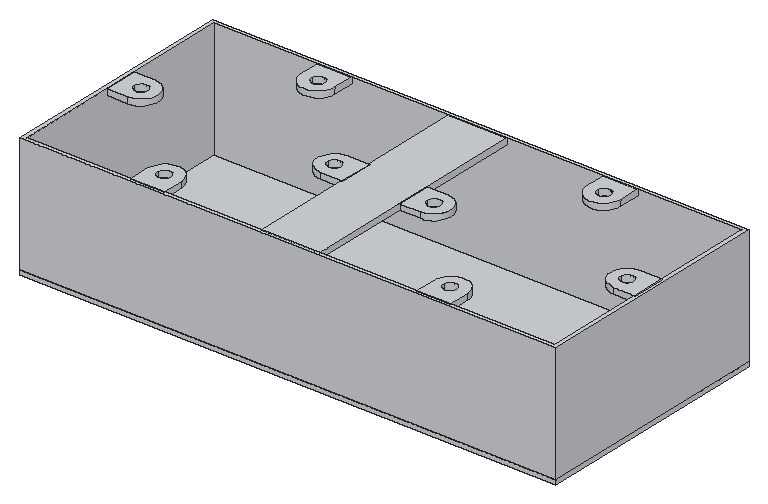
Revit family "EWS6", category Generic Models, Revit 2017
Family settings
  Can host rebar = No
  Round Connector Dimension = Use Diameter
  Part Type = Normal
  Work Plane-Based = Yes
  Always vertical = No
  Cut with Voids When Loaded = No
  Shared = No
  Room Calculation Point = No
Parameters (values of type "NBS Standard Parameters")
  Weight = "0.2462Kg"
  WarrantyStartDate [instance] = "1900-12-31T23:59:59"
  WarrantyGuarantorParts = "n/a"
  WarrantyGuarantorLabor = "n/a"
  WarrantyDurationUnit = "1 year"
  WarrantyDurationParts = "n/a"
  WarrantyDurationLabor = "n/a"
  WarrantyDescription = "n/a"
  Version = "1"
  Uniclass2 = "Pr_65_72_97_84"
  TagNumber [instance] = "n/a"
  SustainabilityPerformance = "n/a"
  Size = "35mm"
  Shape = "Rectangular"
  SerialNumber [instance] = "n/a"
  Revision = "n/a"
  ReplacementCost = "n/a"
  ProductInformation = "www.metpro.co.uk/pdf/ews6.pdf"
  NominalWidth = 75 mm
  NominalLength = 158 mm
  NominalHeight = 36.2 mm
  Name = ""
  NBSTypeID = ""
  NBSReference = "90-60-25/345"
  NBSOfficeMasterTag = ""
  NBSNote = ""
  NBSDescription = "Standard Socket Outlets"
  NBSCertification = ""
  ModelReference = "EWS6"
  ModelNumber = "n/a"
  Material = "Sheet Steel to Comply with BS4669"
  ManufacturerURL = "www.metpro.co.uk"
  ManufacturerName = "Metpro Ltd"
  Keynote = "Compliant to BS4662 & LU Standard 1- 085(For Use on Surface & Sub-Surface Locations)"
  InstallationDate [instance] = "1900-12-31T23:59:59"
  IfcExportType = ""
  IfcExportAs = ""
  Grade = "n/a"
  Finish = "Pre Galvanised"
  Features = "n/a"
  ExpectedLife = "n/a"
  DurationUnit = "year"
  Description = "EWS6 - 35mm Dual Box Switch & Socket Box"
  Default Elevation = 1219.2 mm
  Constituents = "n/a"
  Color = "n/a"
  CodePerformance = "n/a"
  Category = "n/a"
  BarCode [instance] = "n/a"
  BIMObjectName = "Metpro_metprolibrary_standardsocketoutlets_switchandsocketboxes_metal"
  Author = "Metpro Ltd"
  AssetType = ""
  AssetIdentifier [instance] = "n/a"
  AccessibilityPerformance = "n/a"
Reference planes
  plane 1 "Center (Front/Back)": y = 0
  plane 2: z = 0
  plane 3 "Center (Left/Right)": x = 0
Forms (mm)
  Extrusion 1, solid
    sketch origin (-53.135, -87.376, 0) x (1, 0, 0) y (0, 1, 0)
      loop
        line (8.346, 62.827) -> (8.346, -8.173) -> (166.346, -8.173) -> (166.346, 62.827) -> (8.346, 62.827)
      loop
        line (9.346, 61.827) -> (9.346, -7.173) -> (165.346, -7.173) -> (165.346, 61.827) -> (9.346, 61.827)
    from 0 to 36.2
  Extrusion 2, solid
    sketch origin (-53.135, -87.376, 0) x (1, 0, 0) y (0, 1, 0)
      loop
        line (8.346, -8.173) -> (166.346, -8.173) -> (166.346, 62.827) -> (8.346, 62.827) -> (8.346, -8.173)
    from 0 to 1.4
  Extrusion 3, solid
    sketch origin (-53.135, -87.376, 36.2) x (1, 0, 0) y (0, 1, 0)
      loop
        line (78.846, -7.173) -> (95.846, -7.173) -> (95.846, 61.827) -> (78.846, 61.827) -> (78.846, -7.173)
    from 0 to -1.733
  Extrusion 4, solid
    sketch origin (-53.135, -87.376, 36.2) x (1, 0, 0) y (0, 1, 0)
      loop
        arc (159.091, 32.327) -> (154.091, 27.327) -> (159.091, 22.327) r 5
        line (159.091, 22.327) -> (165.346, 22.327) -> (165.346, 32.327) -> (159.091, 32.327)
      loop
        line (15.601, 32.327) -> (9.346, 32.327) -> (9.346, 22.327) -> (15.601, 22.327)
        arc (15.601, 22.327) -> (20.601, 27.327) -> (15.601, 32.327) r 5
      loop
        line (102.021, 32.327) -> (95.766, 32.327) -> (95.766, 22.327) -> (102.021, 22.327)
        arc (102.021, 22.327) -> (107.021, 27.327) -> (102.021, 32.327) r 5
      loop
        arc (72.671, 32.327) -> (67.671, 27.327) -> (72.671, 22.327) r 5
        line (72.671, 22.327) -> (78.925, 22.327) -> (78.925, 32.327) -> (72.671, 32.327)
      loop
        arc (40.133, 55.672) -> (45.133, 50.672) -> (50.133, 55.672) r 5
        line (50.133, 55.672) -> (50.133, 61.927) -> (40.133, 61.927) -> (40.133, 55.672)
      loop
        line (40.133, -1.019) -> (40.133, -7.274) -> (50.133, -7.274) -> (50.133, -1.019)
        arc (50.133, -1.019) -> (45.133, 3.981) -> (40.133, -1.019) r 5
      loop
        line (134.558, 55.672) -> (134.558, 61.927) -> (124.558, 61.927) -> (124.558, 55.672)
        arc (124.558, 55.672) -> (129.558, 50.672) -> (134.558, 55.672) r 5
      loop
        arc (134.558, -1.019) -> (129.558, 3.981) -> (124.558, -1.019) r 5
        line (124.558, -1.019) -> (124.558, -7.274) -> (134.558, -7.274) -> (134.558, -1.019)
      loop
        circle (72.671, 27.327) r 2.018
      loop
        circle (45.133, -1.019) r 1.985
      loop
        circle (15.601, 27.327) r 2.036
      loop
        circle (45.133, 55.672) r 1.967
      loop
        circle (129.558, 55.672) r 1.974
      loop
        circle (102.021, 27.327) r 2.014
      loop
        circle (129.558, -1.019) r 1.991
      loop
        circle (159.091, 27.327) r 2
    from 0 to -1.733
Dimensions and locks
  aligned and locked: level to plane 2
